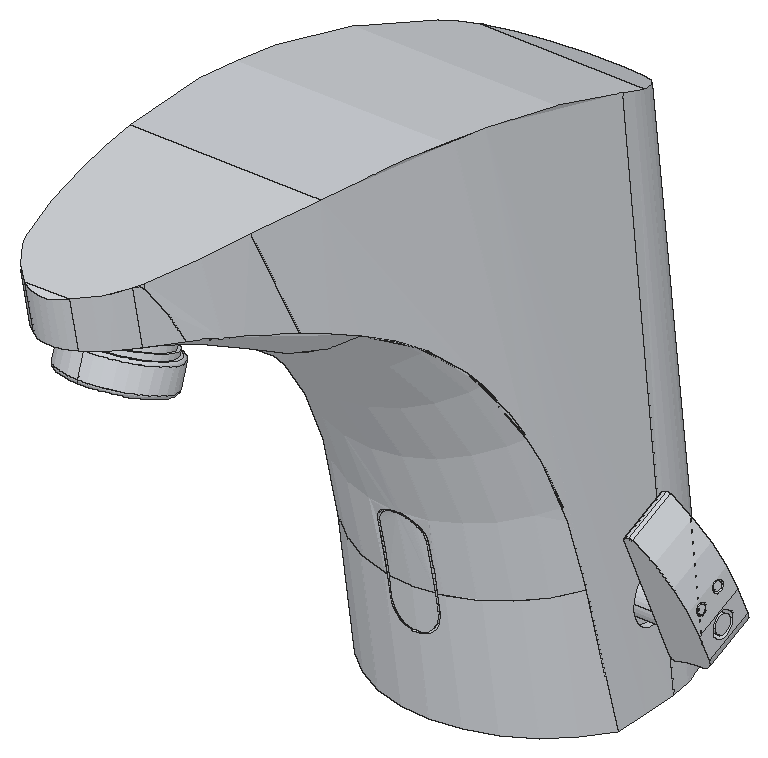
Revit family "Faucet_Touchless-Lavatory-KOHLER-ELOSIS-K-18055T_1", category Plumbing Fixtures, host Face, Revit 2017
Family settings
  Host = Face
  Round Connector Dimension = Use Diameter
  Part Type = Normal
  OmniClass Number = 23.31.11.00
  OmniClass Title = Faucets
  Cut with Voids When Loaded = No
  Shared = No
  Room Calculation Point = No
Parameters (values of type "With Handle, CP-Polished Chrome")
  Without Handle = Type = 2  # no
  With Handle = Type = 1  # yes
  Width = 2 7/16"  # constant formula
  WaterSense Certified = 1 = 0  # no
  Waste Water Outlet = "Waste Water Outlet"  # constant formula
  Waste Connection = 1 = 0  # no
  Vent Connection = 1 = 0  # no
  URL = "http://www.kohler.com.cn/"
  Type = 1
  Tempered Water Inlet Dia = if(Without Handle, 1/2", 1/2")  # 1/2"
  Spout Reach = 4 203/256"  # constant formula
  Product Page URL = ""
  Product Name = "ELOSIS\r\n"  # constant formula
  Product Documentation Link = ""
  Pressure = if(With Handle, 60.00 psi, 43.511 psi)  # 60.00 psi
  Model = if(Type = 1, "K-18055T-CP", if(Type = 2, "K-18055T-B-CP", "NA"))  # "K-18055T-CP"
  Material = "Brass Construction"  # constant formula
  Master Format 2014 Name = "Residential Faucets, Supplies, and Trim"  # constant formula
  Master Format 2014 = "22 41 39"  # constant formula
  Manufacturer Address = "Kohler Beijing Office (100016) 36-2-03-B, No. 88, Liuxiang Road, Beijing"  # constant formula
  Manufacturer = "KOHLER Co."  # constant formula
  Length = Spout Reach  # 4 203/256"
  Cold Water Inlet Dia = if(Without Handle, 0", 1/2")  # 1/2"
  Hot Water Inlet = if(Type = 1, "Hot Water Inlet", "Tempered Water Inlet")  # "Hot Water Inlet"
  Height = 5 65/128"  # constant formula
  HW Connection = 1 = 1  # yes
  Flow Rate = if(With Handle, 2.2 GPM, 0.528 GPM)  # 2.2 GPM
  Finish = Kohler-Metal-CP-Polished_Chrome
  Environmental Product Declaration = ""
  Drain Included = 1 = 1  # yes
  Dist 1 = if(Without Handle, 0", 0.52756")  # 0.52756"
  Description = if(Type = 1, "Sensor Faucet-Mixer-DC", "Daishi basin induction faucet-DC")  # "Sensor Faucet-Mixer-DC"
  Default Elevation = 36"
  Declare Label = ""
  Date Modified = "11/27/2020"  # constant formula
  Date Created = "11/27/2020"  # constant formula
  Copyright = "Copyright KOHLER Co."  # constant formula
  Contact Us = "http://www.kohler.com.cn/contact/contact-us/"
  Cold Water Inlet = "Cold Water Inlet"  # constant formula
  CW Connection = 1 = 1  # yes
  Assembly Code = "D2010"
  ADA Compliant = 1 = 0  # no
Reference planes (in)
  plane 1 "Center (Front/Back)": y = 0
  plane 2: z = 0
  plane 3 "Center (Left/Right)": x = 0
  plane 4: x = -1.21875
  plane 5: x = 1.21875
  plane 6: y = 1.21875
  plane 7: x = -0.52909
  plane 8: x = 0.52909
  plane 9: y = -4.79297
  plane 10: z = 4.3125
  plane 11: z = 5.50781
  plane 12: y = -1.21875
  plane 13: x = 1.75698
  plane 14: x = 0.52756
  plane 15: x = -0.52756
Forms (in)
  Extrusion 1, solid, material "Kohler-Metal-CP-Polished_Chrome" <- "Finish", visible <- "With Handle"
    sketch origin (0, 0, 0) x (1, 0, 0) y (0, 1, 0)
      loop
        circle (-0.52756, 0) r 0.1875
    from 0 to 0.04847
  Extrusion 2, solid, material "Kohler-Metal-CP-Polished_Chrome" <- "Finish", visible <- "With Handle"
    sketch origin (0, 0, 0) x (-1, 0, 0) y (0, -1, 0)
      loop
        circle (-0.52756, 0) r 0.1875
    from 0 to 0.04847
Dimensions and locks (in)
  "Spout Reach": plane 9 to plane 1 "Center (Front/Back)"
  "Width": plane 4 to plane 5
  plane 4 to plane 13 = 2.97573"
  "Height": plane 11 to plane 2
  "Dist 1": plane 3 "Center (Left/Right)" to plane 14
  "Dist 1": plane 15 to plane 3 "Center (Left/Right)"
  aligned and locked: plane 2 to host face
  aligned and locked: level to host face
  aligned and locked: plane 14 to Extrusion 2 sketch curve
  aligned and locked: plane 15 to Extrusion 1 sketch curve
Automatic sketch dimensions
  host sketch curve to host sketch curve = 96"  (x2)
  plane 1 "Center (Front/Back)" to Extrusion 1 sketch curve = 0"
  plane 1 "Center (Front/Back)" to Extrusion 2 sketch curve = 0"
  radius of Extrusion 1 sketch curve = 3/16"
  radius of Extrusion 2 sketch curve = 3/16"
Nested families (in)
  nested 1: "K-18055T_B" at (0, 0, 0), visible <- "Without Handle", type "K-18055T_B"
  nested 2: "K-18055T" at (0, 0, 0), visible <- "With Handle", type "K-18055T"
Connectors (in)
  piping at (0.52756, 0, 0), diameter 0.5, driven by "Cold Water Inlet Dia", driven by "Flow Rate", driven by "Pressure", driven by "HW Connection", driven by "Cold Water Inlet"
    settings: on Extrusion 2, index 2, connector inside diameter 24", connector length 0", flow factor 0, pipe flow 2.2 GPM, pressure drop 60.00 psi, fitting loss kfactor 0, connector angle 0.00°, fixture units 0, engagement length 0", angle of deflection 0.00°, flow configuration 1, flow direction 1, fitting loss method 4, system type 20, joint type 0, gender type 0, connector reference index -1, connector utility 1, adjustable connector no, is connector primary yes, connector description "Cold Water Inlet"
  piping at (-0.52756, 0, 0), diameter 0.5, driven by "Tempered Water Inlet Dia", driven by "Flow Rate", driven by "Pressure", driven by "HW Connection", driven by "Hot Water Inlet"
    settings: on Extrusion 1, index 3, connector inside diameter 24", connector length 0", flow factor 0, pipe flow 2.2 GPM, pressure drop 60.00 psi, fitting loss kfactor 0, connector angle 0.00°, fixture units 0, engagement length 0", angle of deflection 0.00°, flow configuration 1, flow direction 1, fitting loss method 4, system type 19, joint type 0, gender type 0, connector reference index -1, connector utility 1, adjustable connector no, is connector primary no, connector description "Hot Water Inlet"
  piping at (0.52756, 0, 0), diameter 0.5, driven by "Cold Water Inlet Dia", driven by "Flow Rate", driven by "Pressure", driven by "CW Connection", driven by "Cold Water Inlet"
    settings: on Extrusion 2, index 4, connector inside diameter 24", connector length 0", flow factor 0, pipe flow 2.2 GPM, pressure drop 60.00 psi, fitting loss kfactor 0, connector angle 0.00°, fixture units 0, engagement length 0", angle of deflection 0.00°, flow configuration 1, flow direction 1, fitting loss method 4, system type 20, joint type 0, gender type 0, connector reference index -1, connector utility 1, adjustable connector no, is connector primary no, connector description "Cold Water Inlet"
Definition of nested family "K-18055T_B"
  Parameters (values of type "K-18055T_B")
    Material = none
  Reference planes (in)
    plane 1 "Center (Front/Back)": y = 0
    plane 2: z = 0
    plane 3 "Center (Left/Right)": x = 0
    plane 4: z = 5.50714
    plane 5: x = -1.21875
    plane 6: x = 1.21875
    plane 7: z = 4.3125
    plane 8: through (0, -0.07547, 0.94911) normal (0, 0.9877, 0.1564)
    plane 9: through (0, -0.11947, 0.87139) normal (0, -0.1564, 0.9877)
    plane 10: y = 1.21875
    plane 11: y = -1.21875
    plane 12: y = -4.79226
    plane 13: z = 1.88282
    plane 14: x = -0.52909
    plane 15: x = 0.52909
    plane 16: z = 0.88516
  Forms (in)
    Extrusion 1, solid, material <- "Material", detail levels medium+fine
      sketch origin (0, 0, 0) x (0, 1, 0) y (0, 0, 1)
        loop
          line (2.64824, 6.06868) -> (-7.85176, 6.06868) -> (-7.85176, 0) -> (2.64824, 0) -> (2.64824, 6.06868)
      from -1.67699 to 1.75521
    Sweep 2, void
      path origin (0, 0, 0) x (0, 1, 0) y (0, 0, 1)
        loop
          line (-1.15514, -0.4909) -> (-1.4226, 1.16918)
          arc (-1.4226, 1.16918) -> (-2.06538, 2.78424) -> (-3.33254, 3.97414) r 4
          arc (-3.33254, 3.97414) -> (-5.09196, 4.79283) -> (-6.97842, 5.2479) r 9.77662
      profile origin (0, -1.15514, -0.4909) x (0, -0.987268, -0.159063) y (1, 0, 0)
        loop
          arc (-1.37661, 1.36225) -> (-0.00161, -0.01275) -> (-1.37661, -1.38775) r 1.375
          line (-1.37661, -1.38775) -> (0.81207, -1.38775) -> (0.81207, 1.36225) -> (-1.37661, 1.36225)
    Extrusion 3, void
      sketch origin (0, 0, 0) x (0, 1, 0) y (0, 0, 1)
        loop
          arc (-2.22433, 1.04001) -> (-2.73661, 2.32718) -> (-3.74652, 3.27551) r 3.18793
          arc (-3.74652, 3.27551) -> (-5.32523, 4.01405) -> (-7.017, 4.43314) r 8.96455
          line (-7.017, 4.43314) -> (-7.017, -0.24682) -> (-2.017, -0.24682) -> (-2.22433, 1.04001)
      from -2.91586 to 2.25955
    Sweep 4, void
      path origin (0, 0, 0) x (1, 0, 0) y (0, 1, 0)
        loop
          line (3.05896, -2.08127) -> (-2.12145, -2.08127)
      profile origin (0.46875, -2.08127, 0) x (0, -1, 0) y (0, 0, 1)
        loop
          arc (-2.38835, 4.72975) -> (-0.51205, 5.35548) -> (1.45595, 5.55311) r 8.93538
          arc (1.45595, 5.55311) -> (2.47141, 5.50828) -> (3.48163, 5.39598) r 15.26648
          arc (3.48163, 5.39598) -> (3.56021, 5.34747) -> (3.57853, 5.25696) r 0.11609
          line (3.57853, 5.25696) -> (3.50241, 4.89884) -> (4.75241, 4.89884) -> (4.75241, 6.13382) -> (-4.24759, 6.13382) -> (-4.24759, 4.13382) -> (-3.36707, 4.13382)
          arc (-3.36707, 4.13382) -> (-2.89473, 4.45974) -> (-2.38835, 4.72975) r 5.03088
    SweptBlend 5, void
      path origin (0, 0, 0) x (1, 0, 0) y (0, 0, 1)
        loop
          line (-1.16907, 0) -> (-1.16907, 6.25)
      profile origin (-1.16907, 0, 0) x (-1, 0, 0) y (0, -1, 0)
        loop
          line (1.06827, -4.48372) -> (1.06827, 10.14495) -> (-1.17159, 10.14495) -> (-1.17159, 5.75659)
          arc (-1.17159, 5.75659) -> (-0.6963, 5.29934) -> (-0.44313, 4.69035) r 1.61696
          arc (-0.44313, 4.69035) -> (-0.19256, 3.14415) -> (-0.0288, 1.58636) r 28.01838
          arc (-0.0288, 1.58636) -> (0.00634, 0.72876) -> (-0.02002, -0.12915) r 11.97897
          arc (-0.02002, -0.12915) -> (-0.38103, -0.90314) -> (-1.16944, -1.23147) r 1.18123
          line (-1.16944, -1.23147) -> (-1.16944, -4.48372) -> (1.06827, -4.48372)
      end profile origin (-1.16907, 0, 6.25) x (-1, 0, 0) y (0, -1, 0)
        loop
          line (1.83093, -3.4018) -> (1.83093, 9.45201) -> (-1.25585, 9.45201) -> (-1.25585, 5.70201)
          arc (-1.25585, 5.70201) -> (-0.8992, 5.51615) -> (-0.65497, 5.19662) r 0.92603
          arc (-0.65497, 5.19662) -> (-0.53204, 4.87953) -> (-0.45051, 4.54935) r 2.66395
          arc (-0.45051, 4.54935) -> (-0.24206, 2.3365) -> (-0.40785, 0.12005) r 13.20012
          arc (-0.40785, 0.12005) -> (-0.66726, -0.48746) -> (-1.18173, -0.9018) r 1.3638
          line (-1.18173, -0.9018) -> (-1.18173, -3.4018) -> (1.83093, -3.4018)
    SweptBlend 6, void
      path origin (0, 0, 0) x (-1, 0, 0) y (0, 0, 1)
        loop
          line (-1.16907, 0) -> (-1.16907, 6.25)
      profile origin (1.16907, 0, 0) x (-1, 0, 0) y (0, -1, 0)
        loop
          line (-1.06827, -4.48372) -> (1.16944, -4.48372) -> (1.16944, -1.23147)
          arc (1.16944, -1.23147) -> (0.38103, -0.90314) -> (0.02002, -0.12915) r 1.18123
          arc (0.02002, -0.12915) -> (-0.00634, 0.72876) -> (0.0288, 1.58636) r 11.97897
          arc (0.0288, 1.58636) -> (0.19256, 3.14415) -> (0.44313, 4.69035) r 28.01838
          arc (0.44313, 4.69035) -> (0.6963, 5.29934) -> (1.17159, 5.75659) r 1.61696
          line (1.17159, 5.75659) -> (1.17159, 10.14495) -> (-1.06827, 10.14495) -> (-1.06827, -4.48372)
      end profile origin (1.16907, 0, 6.25) x (-1, 0, 0) y (0, -1, 0)
        loop
          line (-1.83093, -3.4018) -> (1.18173, -3.4018) -> (1.18173, -0.9018)
          arc (1.18173, -0.9018) -> (0.66726, -0.48746) -> (0.40785, 0.12005) r 1.3638
          arc (0.40785, 0.12005) -> (0.24206, 2.3365) -> (0.45051, 4.54935) r 13.20012
          arc (0.45051, 4.54935) -> (0.53204, 4.87953) -> (0.65497, 5.19662) r 2.66395
          arc (0.65497, 5.19662) -> (0.8992, 5.51615) -> (1.25585, 5.70201) r 0.92603
          line (1.25585, 5.70201) -> (1.25585, 9.45201) -> (-1.83093, 9.45201) -> (-1.83093, -3.4018)
    Sweep 7, void
      path origin (0, 0.04688, 0) x (0, 1, 0) y (0, 0, 1)
        loop
          line (-5.52362, 4.61629) -> (-5.73694, 5.61989)
      profile origin (0, -5.5834, 5.11809) x (0, -0.978148, -0.207912) y (1, 0, 0)
        loop
          line (0.11252, 0.74224) -> (-0.97083, 0.74224)
          arc (-0.97083, 0.74224) -> (-0.6928, 0.63029) -> (-0.42274, 0.50026) r 4.54771
          spline (-0.42274, 0.50026) -> (-0.38936, 0.482) -> (-0.35668, 0.46251) -> (-0.32474, 0.44181) -> (-0.2936, 0.41992) -> (-0.26329, 0.39688) -> (-0.23385, 0.37272) -> (-0.20533, 0.34747) -> (-0.17777, 0.32117) -> (-0.1512, 0.29386) -> (-0.12567, 0.26557) -> (-0.1012, 0.23634) -> (-0.07784, 0.20622)
          arc (-0.07784, 0.20622) -> (-0.00938, -0.00012) -> (-0.07798, -0.20642) r 0.34482
          spline (-0.07798, -0.20642) -> (-0.10138, -0.23654) -> (-0.12587, -0.26576) -> (-0.15142, -0.29405) -> (-0.17801, -0.32136) -> (-0.20559, -0.34765) -> (-0.23413, -0.3729) -> (-0.26358, -0.39706) -> (-0.2939, -0.42009) -> (-0.32506, -0.44198) -> (-0.357, -0.46268) -> (-0.38968, -0.48217) -> (-0.42306, -0.50042)
          arc (-0.42306, -0.50042) -> (-0.74235, -0.65181) -> (-1.07243, -0.77796) r 4.54771
          line (-1.07243, -0.77796) -> (0.11252, -0.77796) -> (0.11252, 0.74224)
    Revolve 8, solid, material <- "Material", detail levels medium+fine
      sketch origin (0, 0, 0) x (0, 1, 0) y (0, 0, 1)
        loop
          line (-5.17408, 4.46621) -> (-5.15396, 4.52151) -> (-4.77213, 4.38253) -> (-4.62364, 4.79051) -> (-4.9794, 4.91999) -> (-5.0372, 4.76118) -> (-5.06672, 4.77193) -> (-5.08313, 4.72682) -> (-5.11462, 4.73828)
          arc (-5.11462, 4.73828) -> (-5.13447, 4.73741) -> (-5.1479, 4.72276) r 0.02597
          line (-5.1479, 4.72276) -> (-5.22261, 4.51751)
          arc (-5.22261, 4.51751) -> (-5.22155, 4.49334) -> (-5.20371, 4.47699) r 0.03161
          line (-5.20371, 4.47699) -> (-5.17408, 4.46621)
        axis (-4.79226, 4.32724) -> (-4.62364, 4.79051)
      angle from 0 to 360
    Revolve 9, void
      sketch origin (0, 0, 0) x (0, 1, 0) y (0, 0, 1)
        loop
          line (-5.11453, 4.73825) -> (-5.05362, 4.71608) -> (-4.9794, 4.91999) -> (-5.04031, 4.94216) -> (-5.11453, 4.73825)
        axis (-4.69786, 4.58659) -> (-4.62364, 4.79051)
      angle from 0 to 360
    Revolve 10, solid, material <- "Material", detail levels coarse
      sketch origin (0, 0, 0) x (0, 1, 0) y (0, 0, 1)
        loop
          line (-4.79226, 4.32724) -> (-4.62364, 4.79051) -> (-5.0648, 4.95107) -> (-5.23342, 4.48781) -> (-4.79226, 4.32724)
        axis (-4.79226, 4.32724) -> (-4.62364, 4.79051)
      angle from 0 to 360
    Extrusion 11, solid, material <- "Material", detail levels coarse
      sketch origin (0, 0, 0) x (0, 1, 0) y (0, 0, 1)
        loop
          line (2.64824, 6.06868) -> (-7.85176, 6.06868) -> (-7.85176, 0) -> (2.64824, 0) -> (2.64824, 6.06868)
      from -1.67699 to 1.75521
    Extrusion 12, void
      sketch origin (0, 0, 0) x (0, 1, 0) y (0, 0, 1)
        loop
          arc (-2.22433, 1.04001) -> (-2.73661, 2.32718) -> (-3.74652, 3.27551) r 3.18793
          arc (-3.74652, 3.27551) -> (-5.32523, 4.01405) -> (-7.017, 4.43314) r 8.96455
          line (-7.017, 4.43314) -> (-7.017, -0.24682) -> (-2.017, -0.24682) -> (-2.22433, 1.04001)
      from -2.91586 to 2.25955
  Cuts and joins
    Sweep 2, Extrusion 3, Sweep 4, SweptBlend 5, SweptBlend 6, Sweep 7, Revolve 9 cuts Extrusion 1
    Sweep 2, Sweep 4, SweptBlend 5, SweptBlend 6, Extrusion 12 cuts Extrusion 11
    joined: Revolve 10, Extrusion 11
  Lines and regions (in)
    Masking region 1
      outline origin (0, 0, 0) x (1, 0, 0) y (0, 1, 0)
        loop
          arc (-0.8008, -4.57307) -> (-0.69947, -4.95429) -> (-0.5407, -5.31537) r 2.55587
          arc (-0.5407, -5.31537) -> (-0.31553, -5.56318) -> (0, -5.67522) r 0.68739
          arc (0, -5.67522) -> (0.31553, -5.56318) -> (0.5407, -5.31537) r 0.68739
          arc (0.5407, -5.31537) -> (0.69947, -4.95429) -> (0.8008, -4.57307) r 2.55587
          arc (0.8008, -4.57307) -> (1.11434, -2.29634) -> (1.2188, -0.00049) r 25.15722
          arc (1.2188, -0.00049) -> (0, 1.21803) -> (-1.2188, -0.00049) r 1.2188
          arc (-1.2188, -0.00049) -> (-1.11434, -2.29634) -> (-0.8008, -4.57307) r 25.15722
    Masking region 2
      outline origin (0, 0, 0) x (1, 0, 0) y (0, 0, 1)
        loop
          arc (-1.21866, 0.03771) -> (-1.20761, 0.01104) -> (-1.18095, 0) r 0.03771
          line (-1.18095, 0) -> (-0.18175, 0) -> (1.1812, 0)
          arc (1.1812, 0) -> (1.20786, 0.01104) -> (1.2189, 0.03771) r 0.03771
          line (1.2189, 0.03771) -> (1.2189, 1.05537) -> (1.2189, 1.54551)
          arc (1.2189, 1.54551) -> (1.21629, 2.25534) -> (1.20844, 2.96512) r 96.29635
          arc (1.20844, 2.96512) -> (1.17656, 3.55083) -> (1.09839, 4.13218) r 7.40155
          arc (1.09839, 4.13218) -> (1.05767, 4.30852) -> (0.99827, 4.47947) r 1.68602
          arc (0.99827, 4.47947) -> (0.83988, 4.8275) -> (0.65482, 5.16212) r 4.89911
          arc (0.65482, 5.16212) -> (0.5397, 5.28628) -> (0.39607, 5.37594) r 0.64069
          line (0.39607, 5.37594) -> (0.03489, 5.50031)
          arc (0.03489, 5.50031) -> (0.00012, 5.50613) -> (-0.03465, 5.50031) r 0.10679
          line (-0.03465, 5.50031) -> (-0.39583, 5.37594)
          arc (-0.39583, 5.37594) -> (-0.53945, 5.28628) -> (-0.65457, 5.16212) r 0.64069
          arc (-0.65457, 5.16212) -> (-0.83963, 4.8275) -> (-0.99803, 4.47947) r 4.89911
          arc (-0.99803, 4.47947) -> (-1.05742, 4.30852) -> (-1.09815, 4.13218) r 1.68602
          arc (-1.09815, 4.13218) -> (-1.17631, 3.55083) -> (-1.20819, 2.96512) r 7.40155
          arc (-1.20819, 2.96512) -> (-1.21604, 2.25534) -> (-1.21866, 1.54551) r 96.29635
          line (-1.21866, 1.54551) -> (-1.21866, 0.03771)
    Masking region 3
      outline origin (0, 0, 0) x (0, 1, 0) y (0, 0, 1)
        loop
          arc (-0.23467, 4.934) -> (-1.988, 5.3878) -> (-3.79509, 5.50834) r 9.71706
          arc (-3.79509, 5.50834) -> (-4.6825, 5.45655) -> (-5.56487, 5.34885) r 14.07747
          arc (-5.56487, 5.34885) -> (-5.60375, 5.32456) -> (-5.6129, 5.27964) r 0.0581
          line (-5.6129, 5.27964) -> (-5.55443, 4.99778)
          arc (-5.55443, 4.99778) -> (-5.54741, 4.98378) -> (-5.53435, 4.97512) r 0.03042
          line (-5.53435, 4.97512) -> (-5.12205, 4.83631)
          arc (-5.12205, 4.83631) -> (-5.07433, 4.8145) -> (-5.02655, 4.79284) r 18.34432
          line (-5.02655, 4.79284) -> (-5.0372, 4.76118) -> (-5.06672, 4.77193) -> (-5.08313, 4.72682) -> (-5.11594, 4.73876)
          arc (-5.11594, 4.73876) -> (-5.13476, 4.73794) -> (-5.14748, 4.72406) r 0.0246
          line (-5.14748, 4.72406) -> (-5.22179, 4.51989)
          arc (-5.22179, 4.51989) -> (-5.22065, 4.4938) -> (-5.20139, 4.47615) r 0.03413
          line (-5.20139, 4.47615) -> (-4.37915, 4.17688)
          arc (-4.37915, 4.17688) -> (-4.35696, 4.17785) -> (-4.34196, 4.19422) r 0.02901
          line (-4.34196, 4.19422) -> (-4.26603, 4.40283)
          arc (-4.26603, 4.40283) -> (-4.26687, 4.42194) -> (-4.28097, 4.43486) r 0.02499
          line (-4.28097, 4.43486) -> (-4.31259, 4.44636) -> (-4.29856, 4.48137)
          arc (-4.29856, 4.48137) -> (-2.05796, 2.74465) -> (-1.21062, 0.03939) r 4.73614
          arc (-1.21062, 0.03939) -> (-1.1991, 0.01154) -> (-1.17125, 0) r 0.03937
          line (-1.17125, 0) -> (-0.03347, 0) -> (1.17986, 0)
          arc (1.17986, 0) -> (1.2098, 0.0138) -> (1.21875, 0.04553) r 0.03937
          line (1.21875, 0.04553) -> (1.18794, 0.24008)
          arc (1.18794, 0.24008) -> (1.18687, 0.30127) -> (1.20271, 0.36039) r 0.21989
          line (1.20271, 0.36039) -> (1.21794, 0.39627)
          arc (1.21794, 0.39627) -> (1.22356, 0.41604) -> (1.22412, 0.43659) r 0.08266
          arc (1.22412, 0.43659) -> (1.03933, 2.26053) -> (0.84077, 4.08303) r 242.6482
          arc (0.84077, 4.08303) -> (0.83858, 4.21526) -> (0.86161, 4.34549) r 0.6916
          arc (0.86161, 4.34549) -> (0.85775, 4.39389) -> (0.8236, 4.4284) r 0.07074
          arc (0.8236, 4.4284) -> (0.717, 4.48144) -> (0.61277, 4.53898) r 2.78738
          arc (0.61277, 4.53898) -> (0.1979, 4.75549) -> (-0.23467, 4.934) r 5.22458
    symbolic lines, detail levels medium+fine
      curve 1: arc (-0.55779, 0.39042, 0) -> (-0.76605, -0.16241, 0) -> (-0.86791, -0.74433, 0) r 3.16375
      curve 2: arc (-0.86791, -0.74433, 0) -> (-0.92208, -1.62265, 0) -> (-0.94427, -2.50236, 0) r 24.19271
      curve 3: arc (-0.94427, -2.50236, 0) -> (-0.90009, -3.53962, 0) -> (-0.75341, -4.5674, 0) r 10.47033
      curve 4: arc (-0.75341, -4.5674, 0) -> (-0.61074, -5.05276, 0) -> (-0.37938, -5.50265, 0) r 2.67958
      curve 5: arc (0.55772, 0.39042, 0) -> (0.76599, -0.16241, 0) -> (0.86785, -0.74433, 0) r 3.16375
      curve 6: arc (0.86785, -0.74433, 0) -> (0.92202, -1.62265, 0) -> (0.94421, -2.50236, 0) r 24.19271
      curve 7: arc (0.94421, -2.50236, 0) -> (0.90003, -3.53962, 0) -> (0.75335, -4.5674, 0) r 10.47033
      curve 8: arc (0.75335, -4.5674, 0) -> (0.61067, -5.05276, 0) -> (0.37932, -5.50265, 0) r 2.67958
      curve 9: arc (-0.317, 0.69827, 0) -> (-0.45361, 0.55703, 0) -> (-0.55779, 0.39042, 0) r 0.93747
      curve 10: arc (0.31694, 0.69827, 0) -> (0.45355, 0.55703, 0) -> (0.55772, 0.39042, 0) r 0.93747
      curve 11: line (-0.39645, -0.77986, 0) -> (-0.39645, -3.82638, 0)
      curve 12: arc (-0.2301, 0.44267, 0) -> (-0.35467, -0.16296, 0) -> (-0.39645, -0.77986, 0) r 4.57551
      curve 13: arc (-0.00003, 0.78306, 0) -> (-0.14287, 0.63166, 0) -> (-0.2301, 0.44267, 0) r 0.64545
      curve 14: arc (-0.39645, -3.82638, 0) -> (-0.36515, -4.44222, 0) -> (-0.27158, -5.05171, 0) r 6.07424
      curve 15: arc (-0.27158, -5.05171, 0) -> (-0.17179, -5.33586, 0) -> (-0.00003, -5.58324, 0) r 1.12218
      curve 16: line (0.39639, -0.77986, 0) -> (0.39639, -3.82638, 0)
      curve 17: arc (0.23004, 0.44267, 0) -> (0.35461, -0.16296, 0) -> (0.39639, -0.77986, 0) r 4.57551
      curve 18: arc (-0.00003, 0.78306, 0) -> (0.14281, 0.63166, 0) -> (0.23004, 0.44267, 0) r 0.64545
      curve 19: arc (0.39639, -3.82638, 0) -> (0.36509, -4.44222, 0) -> (0.27151, -5.05171, 0) r 6.07424
      curve 20: arc (0.27151, -5.05171, 0) -> (0.17173, -5.33586, 0) -> (-0.00003, -5.58324, 0) r 1.12218
      curve 21: line (-1.2113, 0, 0.03773) -> (1.2189, 0, 0.03773)
      curve 22: arc (-0.62884, 0, 0.28219) -> (-0.32383, 0, 0.16691) -> (-0.00014, 0, 0.12772) r 1.35673
      curve 23: arc (0.62856, 0, 0.28219) -> (0.32356, 0, 0.16691) -> (-0.00014, 0, 0.12772) r 1.35673
      curve 24: line (0.2479, 0, 1.30229) -> (-0.48636, 0, 1.30229)
      curve 25: arc (-0.48636, 0, 1.30229) -> (-0.73499, 0, 1.33515) -> (-0.96655, 0, 1.43146) r 0.95712
      curve 26: arc (-0.96655, 0, 1.43146) -> (-1.08678, 0, 1.53634) -> (-1.15903, 0, 1.6786) r 0.41856
      curve 27: arc (-1.15903, 0, 1.6786) -> (-1.19498, 0, 1.83005) -> (-1.21715, 0, 1.98413) r 1.72651
      curve 28: line (0.2479, 0, 1.30229) -> (0.48609, 0, 1.30229)
      curve 29: arc (0.48609, 0, 1.30229) -> (0.73472, 0, 1.33515) -> (0.96627, 0, 1.43146) r 0.95712
      curve 30: arc (0.96627, 0, 1.43146) -> (1.0865, 0, 1.53634) -> (1.15875, 0, 1.6786) r 0.41856
      curve 31: arc (1.15875, 0, 1.6786) -> (1.19471, 0, 1.83005) -> (1.21688, 0, 1.98413) r 1.72651
      curve 32: arc (-0.77057, 0, 4.79289) -> (-0.62155, 0, 4.88755) -> (-0.45316, 0, 4.94059) r 0.67894
      curve 33: arc (-0.9937, 0, 4.48821) -> (-0.90069, 0, 4.65413) -> (-0.77057, 0, 4.79289) r 0.78672
      curve 34: arc (-0.13266, 0, 5.33519) -> (-0.06657, 0, 5.34501) -> (-0.00014, 0, 5.35217) r 1.66544
      curve 35: arc (-0.40959, 0, 5.36825) -> (-0.27351, 0, 5.33176) -> (-0.13266, 0, 5.33519) r 0.49379
      curve 36: arc (0.13239, 0, 5.33519) -> (0.06629, 0, 5.34501) -> (-0.00014, 0, 5.35217) r 1.66544
      curve 37: arc (0.40932, 0, 5.36825) -> (0.27324, 0, 5.33176) -> (0.13239, 0, 5.33519) r 0.49379
      curve 38: arc (-0.44403, 0, 5.08683) -> (-0.22581, 0, 5.17865) -> (-0.00014, 0, 5.25027) r 2.60278
      curve 39: arc (-0.87735, 0, 4.68443) -> (-0.69158, 0, 4.91889) -> (-0.44403, 0, 5.08683) r 0.98577
      curve 40: arc (0.44376, 0, 5.08683) -> (0.22553, 0, 5.17865) -> (-0.00014, 0, 5.25027) r 2.60278
      curve 41: arc (0.87643, 0, 4.68556) -> (0.69083, 0, 4.91933) -> (0.44376, 0, 5.08683) r 0.98577
      curve 42: arc (-0.62884, 0, 0.28219) -> (-1.02893, 0, 0.59852) -> (-1.21875, 0, 1.07193) r 0.99117
      curve 43: arc (0.62884, 0, 0.28219) -> (1.02893, 0, 0.59852) -> (1.21875, 0, 1.07193) r 0.99117
      curve 44: arc (0, 0, 4.97515) -> (-0.22795, 0, 4.97584) -> (-0.45316, 0, 4.94059) r 1.4414
      curve 45: arc (0.77057, 0, 4.79289) -> (0.62155, 0, 4.88755) -> (0.45316, 0, 4.94059) r 0.67894
      curve 46: arc (0.9937, 0, 4.48821) -> (0.90069, 0, 4.65413) -> (0.77057, 0, 4.79289) r 0.78672
      curve 47: arc (0, 0, 4.97515) -> (0.22795, 0, 4.97584) -> (0.45316, 0, 4.94059) r 1.4414
      curve 48: spline (0, 0, 4.46621) -> (0.10517, 0, 4.46147) -> (0.20316, 0, 4.44759) -> (0.28732, 0, 4.42551) -> (0.35189, 0, 4.39672) -> (0.39248, 0, 4.36321) -> (0.40633, 0, 4.32724) -> (0.39248, 0, 4.29127) -> (0.35189, 0, 4.25775) -> (0.28732, 0, 4.22897) -> (0.20316, 0, 4.20688) -> (0.10517, 0, 4.193) -> (0, 0, 4.18826)
      curve 49: spline (0, 0, 4.18826) -> (-0.10517, 0, 4.193) -> (-0.20316, 0, 4.20688) -> (-0.28732, 0, 4.22897) -> (-0.35189, 0, 4.25775) -> (-0.39248, 0, 4.29127) -> (-0.40633, 0, 4.32724) -> (-0.39248, 0, 4.36321) -> (-0.35189, 0, 4.39672) -> (-0.28732, 0, 4.42551) -> (-0.20316, 0, 4.44759) -> (-0.10517, 0, 4.46147) -> (0, 0, 4.46621)
      curve 50: spline (0, 0, 4.24356) -> (-0.04631, 0, 4.24447) -> (-0.09201, 0, 4.24717) -> (-0.13651, 0, 4.25164) -> (-0.17924, 0, 4.25781) -> (-0.21963, 0, 4.26561) -> (-0.25715, 0, 4.27493) -> (-0.29133, 0, 4.28566) -> (-0.32171, 0, 4.29764) -> (-0.3479, 0, 4.31074) -> (-0.36956, 0, 4.32476) -> (-0.3864, 0, 4.33954) -> (-0.39821, 0, 4.35489)
      curve 51: spline (0, 0, 4.24356) -> (0.04631, 0, 4.24447) -> (0.09201, 0, 4.24717) -> (0.13651, 0, 4.25164) -> (0.17924, 0, 4.25781) -> (0.21963, 0, 4.26561) -> (0.25715, 0, 4.27493) -> (0.29133, 0, 4.28566) -> (0.32171, 0, 4.29764) -> (0.3479, 0, 4.31074) -> (0.36956, 0, 4.32476) -> (0.3864, 0, 4.33954) -> (0.39821, 0, 4.35489)
      curve 52: arc (-0.37742, 0, 4.7734) -> (-0.18912, 0, 4.79208) -> (0, 0, 4.79831) r 2.87108
      curve 53: arc (-0.41892, 0, 4.64589) -> (-0.43833, 0, 4.72271) -> (-0.37742, 0, 4.7734) r 0.07433
      curve 54: arc (0.37742, 0, 4.7734) -> (0.18912, 0, 4.79208) -> (0, 0, 4.79831) r 2.87108
      curve 55: arc (0.41892, 0, 4.64589) -> (0.43833, 0, 4.72271) -> (0.37742, 0, 4.7734) r 0.07433
      curve 56: spline (-0.40347, 0, 4.65663) -> (-0.39232, 0, 4.67243) -> (-0.3759, 0, 4.68769) -> (-0.35442, 0, 4.7022) -> (-0.32818, 0, 4.71575) -> (-0.29753, 0, 4.72818) -> (-0.26288, 0, 4.73931) -> (-0.2247, 0, 4.74899) -> (-0.18349, 0, 4.7571) -> (-0.13982, 0, 4.76352) -> (-0.09427, 0, 4.76817) -> (-0.04746, 0, 4.77098) -> (0, 0, 4.77193)
      curve 57: spline (0, 0, 4.77193) -> (0.04746, 0, 4.77098) -> (0.09427, 0, 4.76817) -> (0.13982, 0, 4.76352) -> (0.18349, 0, 4.7571) -> (0.2247, 0, 4.74899) -> (0.26288, 0, 4.73931) -> (0.29753, 0, 4.72818) -> (0.32818, 0, 4.71575) -> (0.35442, 0, 4.7022) -> (0.3759, 0, 4.68769) -> (0.39232, 0, 4.67243) -> (0.40347, 0, 4.65663)
      curve 58: line (-0.37742, 0, 4.7734) -> (-0.37742, 0, 4.68648)
      curve 59: line (0.37742, 0, 4.7734) -> (0.37742, 0, 4.68648)
      curve 60: line (-0.46954, 0, 4.55232) -> (-0.46954, 0, 4.3486)
      curve 61: line (0.46954, 0, 4.55232) -> (0.46954, 0, 4.3486)
      curve 62: arc (-0.3303, 0, 4.69071) -> (-0.16698, 0, 4.72766) -> (0, 0, 4.74007) r 1.12982
      curve 63: arc (-0.42852, 0, 4.63843) -> (-0.38193, 0, 4.66931) -> (-0.3303, 0, 4.69071) r 0.29086
      curve 64: arc (-0.46954, 0, 4.55232) -> (-0.45876, 0, 4.60001) -> (-0.42852, 0, 4.63843) r 0.11089
      curve 65: line (0.46954, 0, 4.55232) -> (0.46954, 0, 4.3486)
      curve 66: arc (0.3303, 0, 4.69071) -> (0.16698, 0, 4.72766) -> (0, 0, 4.74007) r 1.12982
      curve 67: arc (0.42852, 0, 4.63843) -> (0.38193, 0, 4.66931) -> (0.3303, 0, 4.69071) r 0.29086
      curve 68: arc (0.46954, 0, 4.55232) -> (0.45876, 0, 4.60001) -> (0.42852, 0, 4.63843) r 0.11089
      curve 69: arc (-0.26808, 0, 4.20714) -> (-0.13496, 0, 4.18361) -> (0, 0, 4.17573) r 1.16002
      curve 70: arc (-0.41458, 0, 4.26621) -> (-0.34355, 0, 4.23117) -> (-0.26808, 0, 4.20714) r 0.52825
      curve 71: arc (-0.46954, 0, 4.3486) -> (-0.45147, 0, 4.30113) -> (-0.41458, 0, 4.26621) r 0.11406
      curve 72: arc (0.26808, 0, 4.20714) -> (0.13496, 0, 4.18361) -> (0, 0, 4.17573) r 1.16002
      curve 73: arc (0.41458, 0, 4.26621) -> (0.34355, 0, 4.23117) -> (0.26808, 0, 4.20714) r 0.52825
      curve 74: arc (0.46954, 0, 4.3486) -> (0.45147, 0, 4.30113) -> (0.41458, 0, 4.26621) r 0.11406
      curve 75: line (0, -5.55443, 4.99778) -> (0, -4.96388, 4.99778)
      curve 76: arc (0, -4.96388, 4.99778) -> (0, -1.29897, 3.80306) -> (0, 0.95773, 0.67797) r 6.21859
      curve 77: arc (0, 0.95773, 0.67797) -> (0, 1.05668, 0.50834) -> (0, 1.21794, 0.39627) r 0.45455
      curve 78: line (0, -4.29856, 4.48137) -> (0, -5.0372, 4.76118)
      curve 79: line (0, -5.08313, 4.72682) -> (0, -4.31259, 4.44636)
      curve 80: arc (0, -5.02655, 4.79284) -> (0, -4.64304, 4.6827) -> (0, -4.29856, 4.48137) r 1.60491
      curve 81: line (0, -4.93104, 4.37553) -> (0, -4.83252, 4.6356)
      curve 82: line (0, -4.69025, 4.28789) -> (0, -4.59514, 4.54921)
      curve 83: arc (0, 0.68556, 4.17306) -> (0, 0.76444, 4.1772) -> (0, 0.83641, 4.20974) r 0.21337
      curve 84: arc (0, -5.3709, 5.23178) -> (0, -5.4939, 5.24559) -> (0, -5.6129, 5.27964) r 0.74262
      curve 85: arc (0, 0.68556, 4.17306) -> (0, -2.30431, 4.92186) -> (0, -5.3709, 5.23178) r 21.32224
      curve 86: arc (0, -5.56487, 5.34885) -> (0, -2.32682, 5.19276) -> (0, 0.8236, 4.4284) r 17.10068
      curve 87: arc (0.31694, 0.69827, 0) -> (-0.00003, 0.81344, 0) -> (-0.317, 0.69827, 0) r 0.49376
  Dimensions and locks (in)
    plane 5 to plane 6 = 2 7/16"
    plane 12 to plane 1 "Center (Front/Back)" = 4.79226"
    plane 4 to plane 2 = 5.50714"
    plane 7 to plane 2 = 4 5/16"
    plane 16 to plane 2 = 0.88516"
    plane 13 to level = 1 113/128"
    aligned and locked: plane 2 to level
Definition of nested family "K-18055T"
  Parameters (values of type "K-18055T")
    Material = none
  Reference planes (in)
    plane 1 "Center (Front/Back)": y = 0
    plane 2: z = 0
    plane 3 "Center (Left/Right)": x = 0
    plane 4: z = 5.5625
    plane 5: x = -1.21875
    plane 6: x = 1.21875
    plane 7: x = 1.75698
    plane 8: z = 4.3125
    plane 9: through (0, -0.07547, 0.94911) normal (0, 0.9877, 0.1564)
    plane 10: through (0, -0.11947, 0.87139) normal (0, -0.1564, 0.9877)
    plane 11: y = 1.21875
    plane 12: y = -1.21875
    plane 13: y = -4.79226
    plane 14: y = -0.06357
    plane 15: z = 1.88282
    plane 16: x = -0.52909
    plane 17: x = 0.52909
    plane 18: z = 0.88516
  Forms (in)
    Extrusion 1, solid, material <- "Material", detail levels medium+fine
      sketch origin (0, 0, 0) x (0, 1, 0) y (0, 0, 1)
        loop
          line (2.64824, 6.06868) -> (-7.85176, 6.06868) -> (-7.85176, 0) -> (2.64824, 0) -> (2.64824, 6.06868)
      from -1.67699 to 1.75521
    Sweep 2, void
      path origin (0, 0, 0) x (0, 1, 0) y (0, 0, 1)
        loop
          line (-1.15514, -0.4909) -> (-1.4226, 1.16918)
          arc (-1.4226, 1.16918) -> (-2.06538, 2.78424) -> (-3.33254, 3.97414) r 4
          arc (-3.33254, 3.97414) -> (-5.09196, 4.79283) -> (-6.97842, 5.2479) r 9.77662
      profile origin (0, -1.15514, -0.4909) x (0, -0.987268, -0.159063) y (1, 0, 0)
        loop
          arc (-1.37661, 1.36225) -> (-0.00161, -0.01275) -> (-1.37661, -1.38775) r 1.375
          line (-1.37661, -1.38775) -> (0.81207, -1.38775) -> (0.81207, 1.36225) -> (-1.37661, 1.36225)
    Extrusion 3, void
      sketch origin (0, 0, 0) x (0, 1, 0) y (0, 0, 1)
        loop
          arc (-2.22433, 1.04001) -> (-2.73661, 2.32718) -> (-3.74652, 3.27551) r 3.18793
          arc (-3.74652, 3.27551) -> (-5.32523, 4.01405) -> (-7.017, 4.43314) r 8.96455
          line (-7.017, 4.43314) -> (-7.017, -0.24682) -> (-2.017, -0.24682) -> (-2.22433, 1.04001)
      from -2.91586 to 2.25955
    Sweep 4, void
      path origin (0, 0, 0) x (1, 0, 0) y (0, 1, 0)
        loop
          line (3.05896, -2.08127) -> (-2.12145, -2.08127)
      profile origin (0.46875, -2.08127, 0) x (0, -1, 0) y (0, 0, 1)
        loop
          arc (-2.38835, 4.72975) -> (-0.51205, 5.35548) -> (1.45595, 5.55311) r 8.93538
          arc (1.45595, 5.55311) -> (2.47141, 5.50828) -> (3.48163, 5.39598) r 15.26648
          arc (3.48163, 5.39598) -> (3.56021, 5.34747) -> (3.57853, 5.25696) r 0.11609
          line (3.57853, 5.25696) -> (3.50241, 4.89884) -> (4.75241, 4.89884) -> (4.75241, 6.13382) -> (-4.24759, 6.13382) -> (-4.24759, 4.13382) -> (-3.36707, 4.13382)
          arc (-3.36707, 4.13382) -> (-2.89473, 4.45974) -> (-2.38835, 4.72975) r 5.03088
    SweptBlend 5, void
      path origin (0, 0, 0) x (1, 0, 0) y (0, 0, 1)
        loop
          line (-1.16907, 0) -> (-1.16907, 6.25)
      profile origin (-1.16907, 0, 0) x (-1, 0, 0) y (0, -1, 0)
        loop
          line (1.06827, -4.48372) -> (1.06827, 10.14495) -> (-1.17159, 10.14495) -> (-1.17159, 5.75659)
          arc (-1.17159, 5.75659) -> (-0.6963, 5.29934) -> (-0.44313, 4.69035) r 1.61696
          arc (-0.44313, 4.69035) -> (-0.19256, 3.14415) -> (-0.0288, 1.58636) r 28.01838
          arc (-0.0288, 1.58636) -> (0.00634, 0.72876) -> (-0.02002, -0.12915) r 11.97897
          arc (-0.02002, -0.12915) -> (-0.38103, -0.90314) -> (-1.16944, -1.23147) r 1.18123
          line (-1.16944, -1.23147) -> (-1.16944, -4.48372) -> (1.06827, -4.48372)
      end profile origin (-1.16907, 0, 6.25) x (-1, 0, 0) y (0, -1, 0)
        loop
          line (1.83093, -3.4018) -> (1.83093, 9.45201) -> (-1.25585, 9.45201) -> (-1.25585, 5.70201)
          arc (-1.25585, 5.70201) -> (-0.8992, 5.51615) -> (-0.65497, 5.19662) r 0.92603
          arc (-0.65497, 5.19662) -> (-0.53204, 4.87953) -> (-0.45051, 4.54935) r 2.66395
          arc (-0.45051, 4.54935) -> (-0.24206, 2.3365) -> (-0.40785, 0.12005) r 13.20012
          arc (-0.40785, 0.12005) -> (-0.66726, -0.48746) -> (-1.18173, -0.9018) r 1.3638
          line (-1.18173, -0.9018) -> (-1.18173, -3.4018) -> (1.83093, -3.4018)
    SweptBlend 6, void
      path origin (0, 0, 0) x (-1, 0, 0) y (0, 0, 1)
        loop
          line (-1.16907, 0) -> (-1.16907, 6.25)
      profile origin (1.16907, 0, 0) x (-1, 0, 0) y (0, -1, 0)
        loop
          line (-1.06827, -4.48372) -> (1.16944, -4.48372) -> (1.16944, -1.23147)
          arc (1.16944, -1.23147) -> (0.38103, -0.90314) -> (0.02002, -0.12915) r 1.18123
          arc (0.02002, -0.12915) -> (-0.00634, 0.72876) -> (0.0288, 1.58636) r 11.97897
          arc (0.0288, 1.58636) -> (0.19256, 3.14415) -> (0.44313, 4.69035) r 28.01838
          arc (0.44313, 4.69035) -> (0.6963, 5.29934) -> (1.17159, 5.75659) r 1.61696
          line (1.17159, 5.75659) -> (1.17159, 10.14495) -> (-1.06827, 10.14495) -> (-1.06827, -4.48372)
      end profile origin (1.16907, 0, 6.25) x (-1, 0, 0) y (0, -1, 0)
        loop
          line (-1.83093, -3.4018) -> (1.18173, -3.4018) -> (1.18173, -0.9018)
          arc (1.18173, -0.9018) -> (0.66726, -0.48746) -> (0.40785, 0.12005) r 1.3638
          arc (0.40785, 0.12005) -> (0.24206, 2.3365) -> (0.45051, 4.54935) r 13.20012
          arc (0.45051, 4.54935) -> (0.53204, 4.87953) -> (0.65497, 5.19662) r 2.66395
          arc (0.65497, 5.19662) -> (0.8992, 5.51615) -> (1.25585, 5.70201) r 0.92603
          line (1.25585, 5.70201) -> (1.25585, 9.45201) -> (-1.83093, 9.45201) -> (-1.83093, -3.4018)
    Sweep 7, void
      path origin (0, 0.04688, 0) x (0, 1, 0) y (0, 0, 1)
        loop
          line (-5.52362, 4.61629) -> (-5.73694, 5.61989)
      profile origin (0, -5.5834, 5.11809) x (0, -0.978148, -0.207912) y (1, 0, 0)
        loop
          line (0.11252, 0.74224) -> (-0.97083, 0.74224)
          arc (-0.97083, 0.74224) -> (-0.6928, 0.63029) -> (-0.42274, 0.50026) r 4.54771
          spline (-0.42274, 0.50026) -> (-0.38936, 0.482) -> (-0.35668, 0.46251) -> (-0.32474, 0.44181) -> (-0.2936, 0.41992) -> (-0.26329, 0.39688) -> (-0.23385, 0.37272) -> (-0.20533, 0.34747) -> (-0.17777, 0.32117) -> (-0.1512, 0.29386) -> (-0.12567, 0.26557) -> (-0.1012, 0.23634) -> (-0.07784, 0.20622)
          arc (-0.07784, 0.20622) -> (-0.00938, -0.00012) -> (-0.07798, -0.20642) r 0.34482
          spline (-0.07798, -0.20642) -> (-0.10138, -0.23654) -> (-0.12587, -0.26576) -> (-0.15142, -0.29405) -> (-0.17801, -0.32136) -> (-0.20559, -0.34765) -> (-0.23413, -0.3729) -> (-0.26358, -0.39706) -> (-0.2939, -0.42009) -> (-0.32506, -0.44198) -> (-0.357, -0.46268) -> (-0.38968, -0.48217) -> (-0.42306, -0.50042)
          arc (-0.42306, -0.50042) -> (-0.74235, -0.65181) -> (-1.07243, -0.77796) r 4.54771
          line (-1.07243, -0.77796) -> (0.11252, -0.77796) -> (0.11252, 0.74224)
    Revolve 8, solid, material <- "Material", detail levels medium+fine
      sketch origin (0, 0, 0) x (0, 1, 0) y (0, 0, 1)
        loop
          line (-5.17408, 4.46621) -> (-5.15396, 4.52151) -> (-4.77213, 4.38253) -> (-4.62364, 4.79051) -> (-4.9794, 4.91999) -> (-5.0372, 4.76118) -> (-5.06672, 4.77193) -> (-5.08313, 4.72682) -> (-5.11462, 4.73828)
          arc (-5.11462, 4.73828) -> (-5.13447, 4.73741) -> (-5.1479, 4.72276) r 0.02597
          line (-5.1479, 4.72276) -> (-5.22261, 4.51751)
          arc (-5.22261, 4.51751) -> (-5.22155, 4.49334) -> (-5.20371, 4.47699) r 0.03161
          line (-5.20371, 4.47699) -> (-5.17408, 4.46621)
        axis (-4.79226, 4.32724) -> (-4.62364, 4.79051)
      angle from 0 to 360
    Revolve 9, void
      sketch origin (0, 0, 0) x (0, 1, 0) y (0, 0, 1)
        loop
          line (-5.11453, 4.73825) -> (-5.05362, 4.71608) -> (-4.9794, 4.91999) -> (-5.04031, 4.94216) -> (-5.11453, 4.73825)
        axis (-4.69786, 4.58659) -> (-4.62364, 4.79051)
      angle from 0 to 360
    Revolve 10, solid, material <- "Material", detail levels coarse
      sketch origin (0, 0, 0) x (0, 1, 0) y (0, 0, 1)
        loop
          line (-4.79226, 4.32724) -> (-4.62364, 4.79051) -> (-5.0648, 4.95107) -> (-5.23342, 4.48781) -> (-4.79226, 4.32724)
        axis (-4.79226, 4.32724) -> (-4.62364, 4.79051)
      angle from 0 to 360
    Extrusion 11, solid, material <- "Material", detail levels coarse
      sketch origin (0, 0, 0) x (0, 1, 0) y (0, 0, 1)
        loop
          line (2.64824, 6.06868) -> (-7.85176, 6.06868) -> (-7.85176, 0) -> (2.64824, 0) -> (2.64824, 6.06868)
      from -1.67699 to 1.75521
    Extrusion 12, void
      sketch origin (0, 0, 0) x (0, 1, 0) y (0, 0, 1)
        loop
          arc (-2.22433, 1.04001) -> (-2.73661, 2.32718) -> (-3.74652, 3.27551) r 3.18793
          arc (-3.74652, 3.27551) -> (-5.32523, 4.01405) -> (-7.017, 4.43314) r 8.96455
          line (-7.017, 4.43314) -> (-7.017, -0.24682) -> (-2.017, -0.24682) -> (-2.22433, 1.04001)
      from -2.91586 to 2.25955
    Extrusion 13, solid, material <- "Material", detail levels medium+fine
      sketch origin (0, 0.22275, 0.05391) x (1, 0, 0) y (0, -0.406737, 0.913545)
        loop
          arc (1.35039, 0.57664) -> (1.36467, 0.54911) -> (1.39539, 0.54493) r 0.03367
          arc (1.39539, 0.54493) -> (1.51294, 0.5774) -> (1.63397, 0.59233) r 0.83132
          arc (1.63397, 0.59233) -> (1.72131, 0.63235) -> (1.75698, 0.72156) r 0.12939
          line (1.75698, 0.72156) -> (1.75698, 0.98983)
          arc (1.75698, 0.98983) -> (1.67401, 1.46961) -> (1.43475, 1.89365) r 1.42868
          arc (1.43475, 1.89365) -> (1.4215, 1.90253) -> (1.40555, 1.90251) r 0.02737
          line (1.40555, 1.90251) -> (1.36763, 1.89092)
          arc (1.36763, 1.89092) -> (1.35517, 1.88212) -> (1.35039, 1.86763) r 0.02435
          line (1.35039, 1.86763) -> (1.35039, 0.57664)
      from -0.31026 to 0.16313
    Extrusion 14, void
      sketch origin (0, 0.06152, 0.02461) x (0, 1, 0) y (0, 0, 1)
        loop
          circle (-0.17594, 1.1758) r 0.05479
        loop
          circle (-0.36487, 1.07122) r 0.0533
        loop
          circle (-0.13115, 0.85063) r 0.1187
        loop
          circle (-0.13115, 0.85063) r 0.08162
        loop
          circle (-0.3641, 1.07045) r 0.03702
        loop
          circle (-0.17594, 1.17734) r 0.03698
      from 1.61875 to 1.86557
    Extrusion 15, void
      sketch origin (0, 0.12685, 0.29977) x (1, 0, 0) y (0, -0.207912, 0.978148)
        loop
          line (-0.20866, 1.64846) -> (-0.20866, 0.98169)
          arc (-0.20866, 0.98169) -> (0, 0.77303) -> (0.20866, 0.98169) r 0.20866
          line (0.20866, 0.98169) -> (0.20866, 1.64846)
          arc (0.20866, 1.64846) -> (0, 1.85712) -> (-0.20866, 1.64846) r 0.20866
        loop
          line (-0.22835, 1.64846) -> (-0.22835, 0.98169)
          arc (-0.22835, 0.98169) -> (0, 0.75334) -> (0.22835, 0.98169) r 0.22835
          line (0.22835, 0.98169) -> (0.22835, 1.64846)
          arc (0.22835, 1.64846) -> (0, 1.8768) -> (-0.22835, 1.64846) r 0.22835
      from 3.16529 to 0.80309
    Extrusion 16, void
      sketch origin (-2.50295, 0, 0) x (0, 1, 0) y (0, 0, 1)
        loop
          circle (-0.06472, 0.88126) r 0.23432
      from 3.94919 to 3.56098
    Extrusion 17, solid, material <- "Material", detail levels medium+fine
      sketch origin (0, 0, 0) x (0, 1, 0) y (0, 0, 1)
        loop
          circle (-0.06472, 0.88126) r 0.18186
      from 0.98676 to 1.39579
    Extrusion 18, void
      sketch origin (1.25476, 2.17331, 0) x (0.866025, -0.5, 0) y (0, 0, 1)
        loop
          circle (0.069, 1.06286) r 0.20537
      from 0 to 1.5748
    Extrusion 19, solid, material <- "Material", detail levels coarse
      sketch origin (0, 0, 0) x (0, 1, 0) y (0, 0, 1)
        loop
          line (-0.70059, 1.72669) -> (-0.14712, 0.48359) -> (0.28534, 0.67613) -> (-0.26813, 1.91923) -> (-0.70059, 1.72669)
      from 1.35039 to 1.75698
    Extrusion 20, solid, material <- "Material", detail levels coarse
      sketch origin (0, 0, 0) x (0, 1, 0) y (0, 0, 1)
        loop
          circle (-0.06472, 0.88126) r 0.21198
      from 0.98676 to 1.39579
  Cuts and joins
    Sweep 2, Extrusion 3, Sweep 4, SweptBlend 5, SweptBlend 6, Sweep 7, Revolve 9, Extrusion 15, Extrusion 16, Extrusion 18 cuts Extrusion 1
    Sweep 2, Sweep 4, SweptBlend 5, SweptBlend 6, Extrusion 12 cuts Extrusion 11
    joined: Revolve 10, Extrusion 11, Extrusion 19, Extrusion 20
    Extrusion 14 cuts Extrusion 13
    joined: Revolve 8, Extrusion 13, Extrusion 17
  Lines and regions (in)
    Masking region 1
      outline origin (0, 0, 0) x (1, 0, 0) y (0, 1, 0)
        loop
          arc (-0.80075, -4.57358) -> (-0.69942, -4.95479) -> (-0.54065, -5.31588) r 2.55587
          arc (-0.54065, -5.31588) -> (-0.31548, -5.56369) -> (0.00005, -5.67573) r 0.68739
          arc (0.00005, -5.67573) -> (0.31558, -5.56369) -> (0.54074, -5.31588) r 0.68739
          arc (0.54074, -5.31588) -> (0.69952, -4.95479) -> (0.80084, -4.57358) r 2.55587
          arc (0.80084, -4.57358) -> (1.11438, -2.29685) -> (1.21885, -0.001) r 25.15722
          arc (1.21885, -0.001) -> (0.00005, 1.21752) -> (-1.21875, -0.001) r 1.2188
          arc (-1.21875, -0.001) -> (-1.11429, -2.29685) -> (-0.80075, -4.57358) r 25.15722
    Masking region 2
      outline origin (0, 0, 0) x (1, 0, 0) y (0, 1, 0)
        loop
          line (1.35703, 0.07097) -> (1.2167, 0.07097)
          arc (1.2167, 0.07097) -> (1.21831, 0.035) -> (1.21885, -0.001) r 1.2188
          line (1.21885, -0.001) -> (1.20609, -0.28273) -> (1.35268, -0.28273) -> (1.35268, -0.7016) -> (1.40336, -0.7016)
          arc (1.40336, -0.7016) -> (1.41922, -0.69935) -> (1.43382, -0.69277) r 0.05694
          arc (1.43382, -0.69277) -> (1.65879, -0.46224) -> (1.7561, -0.15518) r 0.69711
          arc (1.7561, -0.15518) -> (1.74382, -0.04058) -> (1.69184, 0.06228) r 0.3209
          arc (1.69184, 0.06228) -> (1.64854, 0.102) -> (1.59403, 0.12392) r 0.16406
          line (1.59403, 0.12392) -> (1.39651, 0.16441)
          arc (1.39651, 0.16441) -> (1.36913, 0.15768) -> (1.35703, 0.13221) r 0.03287
          line (1.35703, 0.13221) -> (1.35703, 0.07097)
    Masking region 3
      outline origin (0, 0, 0) x (1, 0, 0) y (0, 0, 1)
        loop
          arc (-1.21866, 0.03771) -> (-1.20761, 0.01104) -> (-1.18095, 0) r 0.03771
          line (-1.18095, 0) -> (-0.18175, 0) -> (1.1812, 0)
          arc (1.1812, 0) -> (1.20786, 0.01104) -> (1.2189, 0.03771) r 0.03771
          line (1.2189, 0.03771) -> (1.2189, 1.05537) -> (1.2189, 1.54551)
          arc (1.2189, 1.54551) -> (1.21629, 2.25534) -> (1.20844, 2.96512) r 96.29635
          arc (1.20844, 2.96512) -> (1.17656, 3.55083) -> (1.09839, 4.13218) r 7.40155
          arc (1.09839, 4.13218) -> (1.05767, 4.30852) -> (0.99827, 4.47947) r 1.68602
          arc (0.99827, 4.47947) -> (0.83988, 4.8275) -> (0.65482, 5.16212) r 4.89911
          arc (0.65482, 5.16212) -> (0.5397, 5.28628) -> (0.39607, 5.37594) r 0.64069
          line (0.39607, 5.37594) -> (0.03489, 5.50031)
          arc (0.03489, 5.50031) -> (0.00012, 5.50613) -> (-0.03465, 5.50031) r 0.10679
          line (-0.03465, 5.50031) -> (-0.39583, 5.37594)
          arc (-0.39583, 5.37594) -> (-0.53945, 5.28628) -> (-0.65457, 5.16212) r 0.64069
          arc (-0.65457, 5.16212) -> (-0.83963, 4.8275) -> (-0.99803, 4.47947) r 4.89911
          arc (-0.99803, 4.47947) -> (-1.05742, 4.30852) -> (-1.09815, 4.13218) r 1.68602
          arc (-1.09815, 4.13218) -> (-1.17631, 3.55083) -> (-1.20819, 2.96512) r 7.40155
          arc (-1.20819, 2.96512) -> (-1.21604, 2.25534) -> (-1.21866, 1.54551) r 96.29635
          line (-1.21866, 1.54551) -> (-1.21866, 0.03771)
    Masking region 4
      outline origin (0, 0, 0) x (1, 0, 0) y (0, 0, 1)
        loop
          line (1.2189, 1.03578) -> (1.2189, 0.68181) -> (1.35052, 0.68181) -> (1.35052, 0.57422)
          arc (1.35052, 0.57422) -> (1.36338, 0.54907) -> (1.3913, 0.54478) r 0.03102
          arc (1.3913, 0.54478) -> (1.51815, 0.57886) -> (1.6481, 0.59806) r 1.13491
          arc (1.6481, 0.59806) -> (1.68192, 0.61053) -> (1.70484, 0.63836) r 0.06899
          arc (1.70484, 0.63836) -> (1.74152, 0.74963) -> (1.75394, 0.86614) r 0.55295
          arc (1.75394, 0.86614) -> (1.67185, 1.3501) -> (1.43479, 1.77994) r 1.46778
          arc (1.43479, 1.77994) -> (1.41991, 1.7903) -> (1.40179, 1.79082) r 0.03169
          line (1.40179, 1.79082) -> (1.37148, 1.78269)
          arc (1.37148, 1.78269) -> (1.35636, 1.77259) -> (1.35052, 1.75538) r 0.02828
          line (1.35052, 1.75538) -> (1.35052, 1.03578) -> (1.2189, 1.03578)
    Masking region 5
      outline origin (0, 0, 0) x (0, 1, 0) y (0, 0, 1)
        loop
          arc (-0.23467, 4.934) -> (-1.988, 5.3878) -> (-3.79509, 5.50834) r 9.71706
          arc (-3.79509, 5.50834) -> (-4.6825, 5.45655) -> (-5.56487, 5.34885) r 14.07747
          arc (-5.56487, 5.34885) -> (-5.60375, 5.32456) -> (-5.6129, 5.27964) r 0.0581
          line (-5.6129, 5.27964) -> (-5.55443, 4.99778)
          arc (-5.55443, 4.99778) -> (-5.54741, 4.98378) -> (-5.53435, 4.97512) r 0.03042
          line (-5.53435, 4.97512) -> (-5.12205, 4.83631)
          arc (-5.12205, 4.83631) -> (-5.07433, 4.8145) -> (-5.02655, 4.79284) r 18.34432
          line (-5.02655, 4.79284) -> (-5.0372, 4.76118) -> (-5.06672, 4.77193) -> (-5.08313, 4.72682) -> (-5.11594, 4.73876)
          arc (-5.11594, 4.73876) -> (-5.13476, 4.73794) -> (-5.14748, 4.72406) r 0.0246
          line (-5.14748, 4.72406) -> (-5.22179, 4.51989)
          arc (-5.22179, 4.51989) -> (-5.22065, 4.4938) -> (-5.20139, 4.47615) r 0.03413
          line (-5.20139, 4.47615) -> (-4.37915, 4.17688)
          arc (-4.37915, 4.17688) -> (-4.35696, 4.17785) -> (-4.34196, 4.19422) r 0.02901
          line (-4.34196, 4.19422) -> (-4.26603, 4.40283)
          arc (-4.26603, 4.40283) -> (-4.26687, 4.42194) -> (-4.28097, 4.43486) r 0.02499
          line (-4.28097, 4.43486) -> (-4.31259, 4.44636) -> (-4.29856, 4.48137)
          arc (-4.29856, 4.48137) -> (-2.05796, 2.74465) -> (-1.21062, 0.03939) r 4.73614
          arc (-1.21062, 0.03939) -> (-1.1991, 0.01154) -> (-1.17125, 0) r 0.03937
          line (-1.17125, 0) -> (-0.03347, 0) -> (1.17986, 0)
          arc (1.17986, 0) -> (1.2098, 0.0138) -> (1.21875, 0.04553) r 0.03937
          line (1.21875, 0.04553) -> (1.18794, 0.24008)
          arc (1.18794, 0.24008) -> (1.18687, 0.30127) -> (1.20271, 0.36039) r 0.21989
          line (1.20271, 0.36039) -> (1.21794, 0.39627)
          arc (1.21794, 0.39627) -> (1.22356, 0.41604) -> (1.22412, 0.43659) r 0.08266
          arc (1.22412, 0.43659) -> (1.03933, 2.26053) -> (0.84077, 4.08303) r 242.6482
          arc (0.84077, 4.08303) -> (0.83858, 4.21526) -> (0.86161, 4.34549) r 0.6916
          arc (0.86161, 4.34549) -> (0.85775, 4.39389) -> (0.8236, 4.4284) r 0.07074
          arc (0.8236, 4.4284) -> (0.717, 4.48144) -> (0.61277, 4.53898) r 2.78738
          arc (0.61277, 4.53898) -> (0.1979, 4.75549) -> (-0.23467, 4.934) r 5.22458
    symbolic lines, detail levels medium+fine
      curve 1: line (1.35703, 0.07097, 0) -> (1.35268, -0.28273, 0)
      curve 2: line (-0.39645, -0.77986, 0) -> (-0.39645, -3.82638, 0)
      curve 3: arc (-0.2301, 0.44267, 0) -> (-0.35467, -0.16296, 0) -> (-0.39645, -0.77986, 0) r 4.57551
      curve 4: arc (-0.00003, 0.78306, 0) -> (-0.14287, 0.63166, 0) -> (-0.2301, 0.44267, 0) r 0.64545
      curve 5: arc (-0.39645, -3.82638, 0) -> (-0.36515, -4.44222, 0) -> (-0.27158, -5.05171, 0) r 6.07424
      curve 6: arc (-0.27158, -5.05171, 0) -> (-0.17179, -5.33586, 0) -> (-0.00003, -5.58324, 0) r 1.12218
      curve 7: line (0.39639, -0.77986, 0) -> (0.39639, -3.82638, 0)
      curve 8: arc (0.23004, 0.44267, 0) -> (0.35461, -0.16296, 0) -> (0.39639, -0.77986, 0) r 4.57551
      curve 9: arc (-0.00003, 0.78306, 0) -> (0.14281, 0.63166, 0) -> (0.23004, 0.44267, 0) r 0.64545
      curve 10: arc (0.39639, -3.82638, 0) -> (0.36509, -4.44222, 0) -> (0.27151, -5.05171, 0) r 6.07424
      curve 11: arc (0.27151, -5.05171, 0) -> (0.17173, -5.33586, 0) -> (-0.00003, -5.58324, 0) r 1.12218
      curve 12: line (1.35052, 0, 1.03578) -> (1.35052, 0, 0.68181)
      curve 13: line (-1.2113, 0, 0.03773) -> (1.2189, 0, 0.03773)
      curve 14: arc (-0.62884, 0, 0.28219) -> (-0.32383, 0, 0.16691) -> (-0.00014, 0, 0.12772) r 1.35673
      curve 15: arc (0.62856, 0, 0.28219) -> (0.32356, 0, 0.16691) -> (-0.00014, 0, 0.12772) r 1.35673
      curve 16: line (-0.2088, 0, 1.62947) -> (-0.2088, 0, 0.99205)
      curve 17: line (0.20853, 0, 0.99205) -> (0.20853, 0, 1.62947)
      curve 18: arc (0.20853, 0, 1.62947) -> (-0.00014, 0, 1.83813) -> (-0.2088, 0, 1.62947) r 0.20866
      curve 19: arc (-0.2088, 0, 0.99205) -> (-0.00014, 0, 0.78339) -> (0.20853, 0, 0.99205) r 0.20866
      curve 20: line (-0.24817, 0, 1.62947) -> (-0.24817, 0, 0.99205)
      curve 21: line (0.2479, 0, 0.99205) -> (0.2479, 0, 1.62947)
      curve 22: arc (-0.24817, 0, 0.99205) -> (-0.00014, 0, 0.74402) -> (0.2479, 0, 0.99205) r 0.24803
      curve 23: arc (0.2479, 0, 1.62947) -> (-0.00014, 0, 1.8775) -> (-0.24817, 0, 1.62947) r 0.24803
      curve 24: line (-0.24817, 0, 1.30229) -> (-0.48636, 0, 1.30229)
      curve 25: arc (-0.48636, 0, 1.30229) -> (-0.73499, 0, 1.33515) -> (-0.96655, 0, 1.43146) r 0.95712
      curve 26: arc (-0.96655, 0, 1.43146) -> (-1.08678, 0, 1.53634) -> (-1.15903, 0, 1.6786) r 0.41856
      curve 27: arc (-1.15903, 0, 1.6786) -> (-1.19498, 0, 1.83005) -> (-1.21715, 0, 1.98413) r 1.72651
      curve 28: line (0.2479, 0, 1.30229) -> (0.48609, 0, 1.30229)
      curve 29: arc (0.48609, 0, 1.30229) -> (0.73472, 0, 1.33515) -> (0.96627, 0, 1.43146) r 0.95712
      curve 30: arc (0.96627, 0, 1.43146) -> (1.0865, 0, 1.53634) -> (1.15875, 0, 1.6786) r 0.41856
      curve 31: arc (1.15875, 0, 1.6786) -> (1.19471, 0, 1.83005) -> (1.21688, 0, 1.98413) r 1.72651
      curve 32: line (1.35026, 0, 1.0358) -> (1.35026, 0, 0.68183)
      curve 33: arc (-0.77057, 0, 4.79289) -> (-0.62155, 0, 4.88755) -> (-0.45316, 0, 4.94059) r 0.67894
      curve 34: arc (-0.9937, 0, 4.48821) -> (-0.90069, 0, 4.65413) -> (-0.77057, 0, 4.79289) r 0.78672
      curve 35: arc (-0.13266, 0, 5.33519) -> (-0.06657, 0, 5.34501) -> (-0.00014, 0, 5.35217) r 1.66544
      curve 36: arc (-0.40959, 0, 5.36825) -> (-0.27351, 0, 5.33176) -> (-0.13266, 0, 5.33519) r 0.49379
      curve 37: arc (0.13239, 0, 5.33519) -> (0.06629, 0, 5.34501) -> (-0.00014, 0, 5.35217) r 1.66544
      curve 38: arc (0.40932, 0, 5.36825) -> (0.27324, 0, 5.33176) -> (0.13239, 0, 5.33519) r 0.49379
      curve 39: arc (-0.44403, 0, 5.08683) -> (-0.22581, 0, 5.17865) -> (-0.00014, 0, 5.25027) r 2.60278
      curve 40: arc (-0.87735, 0, 4.68443) -> (-0.69158, 0, 4.91889) -> (-0.44403, 0, 5.08683) r 0.98577
